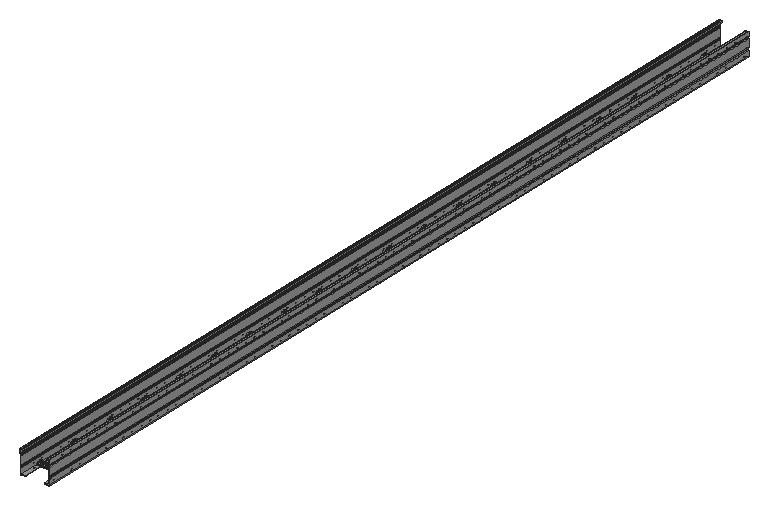
Revit family "Weitspannkabelleiter WKLG1620 FT,FS FT SO A4.23.08", category Generic Models, Revit 2017 (continued)
Forms (mm)
  Extrusion 418, solid, material "Hot-dip galvanised 85 µm" <- "Material"
    sketch origin (0, 2100, 0) x (0, 1, 0) y (0, 0, 1)
      loop
        line (166.963, 4.417) -> (164.404, 16.417)
        arc (164.404, 16.417) -> (163.706, 17.555) -> (162.448, 18) r 2
        line (162.448, 18) -> (158.291, 18) -> (158.291, 16.5) -> (162.043, 16.5)
        arc (162.043, 16.5) -> (162.672, 16.277) -> (163.021, 15.709) r 1
        line (163.021, 15.709) -> (165.367, 4.709)
        arc (165.367, 4.709) -> (165.167, 3.871) -> (164.389, 3.5) r 1
        line (164.389, 3.5) -> (135.568, 3.5)
        arc (135.568, 3.5) -> (134.791, 3.871) -> (134.59, 4.709) r 1
        line (134.59, 4.709) -> (136.938, 15.716)
        arc (136.938, 15.716) -> (137.284, 16.279) -> (137.907, 16.5) r 0.991
        line (137.907, 16.5) -> (141.791, 16.5) -> (141.791, 18) -> (137.51, 18)
        arc (137.51, 18) -> (136.252, 17.555) -> (135.554, 16.417) r 2
        line (135.554, 16.417) -> (132.994, 4.417)
        arc (132.994, 4.417) -> (133.395, 2.742) -> (134.95, 2) r 2
    from -97.5 to 98
  Extrusion 419, void
    sketch origin (0, 2100, 0) x (1, 0, 0) y (0, 1, 0)
      loop
        circle (87.5, 149.896) r 2.75
      loop
        circle (57.569, 149.908) r 3.4
      loop
        circle (-87.5, 149.896) r 2.8
      loop
        circle (-57.5, 149.896) r 3.4
    from 0 to 3.5
  Extrusion 420, solid, material "Hot-dip galvanised 85 µm" <- "Material"
    sketch origin (0, 2400, 0) x (0, 1, 0) y (0, 0, 1)
      loop
        line (134.95, 2) -> (165.007, 2)
        arc (165.007, 2) -> (166.562, 2.742) -> (166.963, 4.417) r 2
        line (166.963, 4.417) -> (164.404, 16.417)
        arc (164.404, 16.417) -> (163.706, 17.555) -> (162.448, 18) r 2
        line (162.448, 18) -> (158.291, 18) -> (158.291, 16.5) -> (162.043, 16.5)
        arc (162.043, 16.5) -> (162.672, 16.277) -> (163.021, 15.709) r 1
        line (163.021, 15.709) -> (165.367, 4.709)
        arc (165.367, 4.709) -> (165.167, 3.871) -> (164.389, 3.5) r 1
        line (164.389, 3.5) -> (135.568, 3.5)
        arc (135.568, 3.5) -> (134.791, 3.871) -> (134.59, 4.709) r 1
        line (134.59, 4.709) -> (136.938, 15.716)
        arc (136.938, 15.716) -> (137.284, 16.279) -> (137.907, 16.5) r 0.991
        line (137.907, 16.5) -> (141.791, 16.5) -> (141.791, 18) -> (137.51, 18)
        arc (137.51, 18) -> (136.252, 17.555) -> (135.554, 16.417) r 2
        line (135.554, 16.417) -> (132.994, 4.417)
        arc (132.994, 4.417) -> (133.395, 2.742) -> (134.95, 2) r 2
    from -97.5 to 98
  Extrusion 421, void
    sketch origin (0, 2400, 0) x (1, 0, 0) y (0, 1, 0)
      loop
        circle (87.5, 149.896) r 2.75
      loop
        circle (57.569, 149.908) r 3.4
      loop
        circle (-87.5, 149.896) r 2.8
      loop
        circle (-57.5, 149.896) r 3.4
    from 0 to 3.5
  Extrusion 422, solid, material "Hot-dip galvanised 85 µm" <- "Material"
    sketch origin (0, 2700, 0) x (0, 1, 0) y (0, 0, 1)
      loop
        line (134.95, 2) -> (165.007, 2)
        arc (165.007, 2) -> (166.562, 2.742) -> (166.963, 4.417) r 2
        line (166.963, 4.417) -> (164.404, 16.417)
        arc (164.404, 16.417) -> (163.706, 17.555) -> (162.448, 18) r 2
        line (162.448, 18) -> (158.291, 18) -> (158.291, 16.5) -> (162.043, 16.5)
        arc (162.043, 16.5) -> (162.672, 16.277) -> (163.021, 15.709) r 1
        line (163.021, 15.709) -> (165.367, 4.709)
        arc (165.367, 4.709) -> (165.167, 3.871) -> (164.389, 3.5) r 1
        line (164.389, 3.5) -> (135.568, 3.5)
        arc (135.568, 3.5) -> (134.791, 3.871) -> (134.59, 4.709) r 1
        line (134.59, 4.709) -> (136.938, 15.716)
        arc (136.938, 15.716) -> (137.284, 16.279) -> (137.907, 16.5) r 0.991
        line (137.907, 16.5) -> (141.791, 16.5) -> (141.791, 18) -> (137.51, 18)
        arc (137.51, 18) -> (136.252, 17.555) -> (135.554, 16.417) r 2
        line (135.554, 16.417) -> (132.994, 4.417)
        arc (132.994, 4.417) -> (133.395, 2.742) -> (134.95, 2) r 2
    from -97.5 to 98
  Extrusion 423, void
    sketch origin (0, 2700, 0) x (1, 0, 0) y (0, 1, 0)
      loop
        circle (87.5, 149.896) r 2.75
      loop
        circle (57.569, 149.908) r 3.4
      loop
        circle (-87.5, 149.896) r 2.8
      loop
        circle (-57.5, 149.896) r 3.4
    from 0 to 3.5
  Extrusion 424, solid, material "Hot-dip galvanised 85 µm" <- "Material"
    sketch origin (0, 3000, 0) x (0, 1, 0) y (0, 0, 1)
      loop
        line (134.95, 2) -> (165.007, 2)
        arc (165.007, 2) -> (166.562, 2.742) -> (166.963, 4.417) r 2
        line (166.963, 4.417) -> (164.404, 16.417)
        arc (164.404, 16.417) -> (163.706, 17.555) -> (162.448, 18) r 2
        line (162.448, 18) -> (158.291, 18) -> (158.291, 16.5) -> (162.043, 16.5)
        arc (162.043, 16.5) -> (162.672, 16.277) -> (163.021, 15.709) r 1
        line (163.021, 15.709) -> (165.367, 4.709)
        arc (165.367, 4.709) -> (165.167, 3.871) -> (164.389, 3.5) r 1
        line (164.389, 3.5) -> (135.568, 3.5)
        arc (135.568, 3.5) -> (134.791, 3.871) -> (134.59, 4.709) r 1
        line (134.59, 4.709) -> (136.938, 15.716)
        arc (136.938, 15.716) -> (137.284, 16.279) -> (137.907, 16.5) r 0.991
        line (137.907, 16.5) -> (141.791, 16.5) -> (141.791, 18) -> (137.51, 18)
        arc (137.51, 18) -> (136.252, 17.555) -> (135.554, 16.417) r 2
        line (135.554, 16.417) -> (132.994, 4.417)
        arc (132.994, 4.417) -> (133.395, 2.742) -> (134.95, 2) r 2
    from -97.5 to 98
  Extrusion 425, void
    sketch origin (0, 3000, 0) x (1, 0, 0) y (0, 1, 0)
      loop
        circle (87.5, 149.896) r 2.75
      loop
        circle (57.569, 149.908) r 3.4
      loop
        circle (-87.5, 149.896) r 2.8
      loop
        circle (-57.5, 149.896) r 3.4
    from 0 to 3.5
  Extrusion 426, solid, material "Hot-dip galvanised 85 µm" <- "Material"
    sketch origin (0, 3300, 0) x (0, 1, 0) y (0, 0, 1)
      loop
        line (134.95, 2) -> (165.007, 2)
        arc (165.007, 2) -> (166.562, 2.742) -> (166.963, 4.417) r 2
        line (166.963, 4.417) -> (164.404, 16.417)
        arc (164.404, 16.417) -> (163.706, 17.555) -> (162.448, 18) r 2
        line (162.448, 18) -> (158.291, 18) -> (158.291, 16.5) -> (162.043, 16.5)
        arc (162.043, 16.5) -> (162.672, 16.277) -> (163.021, 15.709) r 1
        line (163.021, 15.709) -> (165.367, 4.709)
        arc (165.367, 4.709) -> (165.167, 3.871) -> (164.389, 3.5) r 1
        line (164.389, 3.5) -> (135.568, 3.5)
        arc (135.568, 3.5) -> (134.791, 3.871) -> (134.59, 4.709) r 1
        line (134.59, 4.709) -> (136.938, 15.716)
        arc (136.938, 15.716) -> (137.284, 16.279) -> (137.907, 16.5) r 0.991
        line (137.907, 16.5) -> (141.791, 16.5) -> (141.791, 18) -> (137.51, 18)
        arc (137.51, 18) -> (136.252, 17.555) -> (135.554, 16.417) r 2
        line (135.554, 16.417) -> (132.994, 4.417)
        arc (132.994, 4.417) -> (133.395, 2.742) -> (134.95, 2) r 2
    from -97.5 to 98
  Extrusion 427, void
    sketch origin (0, 3300, 0) x (1, 0, 0) y (0, 1, 0)
      loop
        circle (87.5, 149.896) r 2.75
      loop
        circle (57.569, 149.908) r 3.4
      loop
        circle (-87.5, 149.896) r 2.8
      loop
        circle (-57.5, 149.896) r 3.4
    from 0 to 3.5
  Extrusion 428, solid, material "Hot-dip galvanised 85 µm" <- "Material"
    sketch origin (0, 3600, 0) x (0, 1, 0) y (0, 0, 1)
      loop
        line (134.95, 2) -> (165.007, 2)
        arc (165.007, 2) -> (166.562, 2.742) -> (166.963, 4.417) r 2
        line (166.963, 4.417) -> (164.404, 16.417)
        arc (164.404, 16.417) -> (163.706, 17.555) -> (162.448, 18) r 2
        line (162.448, 18) -> (158.291, 18) -> (158.291, 16.5) -> (162.043, 16.5)
        arc (162.043, 16.5) -> (162.672, 16.277) -> (163.021, 15.709) r 1
        line (163.021, 15.709) -> (165.367, 4.709)
        arc (165.367, 4.709) -> (165.167, 3.871) -> (164.389, 3.5) r 1
        line (164.389, 3.5) -> (135.568, 3.5)
        arc (135.568, 3.5) -> (134.791, 3.871) -> (134.59, 4.709) r 1
        line (134.59, 4.709) -> (136.938, 15.716)
        arc (136.938, 15.716) -> (137.284, 16.279) -> (137.907, 16.5) r 0.991
        line (137.907, 16.5) -> (141.791, 16.5) -> (141.791, 18) -> (137.51, 18)
        arc (137.51, 18) -> (136.252, 17.555) -> (135.554, 16.417) r 2
        line (135.554, 16.417) -> (132.994, 4.417)
        arc (132.994, 4.417) -> (133.395, 2.742) -> (134.95, 2) r 2
    from -97.5 to 98
  Extrusion 429, void
    sketch origin (0, 3600, 0) x (1, 0, 0) y (0, 1, 0)
      loop
        circle (87.5, 149.896) r 2.75
      loop
        circle (57.569, 149.908) r 3.4
      loop
        circle (-87.5, 149.896) r 2.8
      loop
        circle (-57.5, 149.896) r 3.4
    from 0 to 3.5
  Extrusion 430, solid, material "Hot-dip galvanised 85 µm" <- "Material"
    sketch origin (0, 3900, 0) x (0, 1, 0) y (0, 0, 1)
      loop
        line (134.95, 2) -> (165.007, 2)
        arc (165.007, 2) -> (166.562, 2.742) -> (166.963, 4.417) r 2
        line (166.963, 4.417) -> (164.404, 16.417)
        arc (164.404, 16.417) -> (163.706, 17.555) -> (162.448, 18) r 2
        line (162.448, 18) -> (158.291, 18) -> (158.291, 16.5) -> (162.043, 16.5)
        arc (162.043, 16.5) -> (162.672, 16.277) -> (163.021, 15.709) r 1
        line (163.021, 15.709) -> (165.367, 4.709)
        arc (165.367, 4.709) -> (165.167, 3.871) -> (164.389, 3.5) r 1
        line (164.389, 3.5) -> (135.568, 3.5)
        arc (135.568, 3.5) -> (134.791, 3.871) -> (134.59, 4.709) r 1
        line (134.59, 4.709) -> (136.938, 15.716)
        arc (136.938, 15.716) -> (137.284, 16.279) -> (137.907, 16.5) r 0.991
        line (137.907, 16.5) -> (141.791, 16.5) -> (141.791, 18) -> (137.51, 18)
        arc (137.51, 18) -> (136.252, 17.555) -> (135.554, 16.417) r 2
        line (135.554, 16.417) -> (132.994, 4.417)
        arc (132.994, 4.417) -> (133.395, 2.742) -> (134.95, 2) r 2
    from -97.5 to 98
  Extrusion 431, void
    sketch origin (0, 3900, 0) x (1, 0, 0) y (0, 1, 0)
      loop
        circle (87.5, 149.896) r 2.75
      loop
        circle (57.569, 149.908) r 3.4
      loop
        circle (-87.5, 149.896) r 2.8
      loop
        circle (-57.5, 149.896) r 3.4
    from 0 to 3.5
  Extrusion 432, solid, material "Hot-dip galvanised 85 µm" <- "Material"
    sketch origin (0, 4200, 0) x (0, 1, 0) y (0, 0, 1)
      loop
        line (134.95, 2) -> (165.007, 2)
        arc (165.007, 2) -> (166.562, 2.742) -> (166.963, 4.417) r 2
        line (166.963, 4.417) -> (164.404, 16.417)
        arc (164.404, 16.417) -> (163.706, 17.555) -> (162.448, 18) r 2
        line (162.448, 18) -> (158.291, 18) -> (158.291, 16.5) -> (162.043, 16.5)
        arc (162.043, 16.5) -> (162.672, 16.277) -> (163.021, 15.709) r 1
        line (163.021, 15.709) -> (165.367, 4.709)
        arc (165.367, 4.709) -> (165.167, 3.871) -> (164.389, 3.5) r 1
        line (164.389, 3.5) -> (135.568, 3.5)
        arc (135.568, 3.5) -> (134.791, 3.871) -> (134.59, 4.709) r 1
        line (134.59, 4.709) -> (136.938, 15.716)
        arc (136.938, 15.716) -> (137.284, 16.279) -> (137.907, 16.5) r 0.991
        line (137.907, 16.5) -> (141.791, 16.5) -> (141.791, 18) -> (137.51, 18)
        arc (137.51, 18) -> (136.252, 17.555) -> (135.554, 16.417) r 2
        line (135.554, 16.417) -> (132.994, 4.417)
        arc (132.994, 4.417) -> (133.395, 2.742) -> (134.95, 2) r 2
    from -97.5 to 98
  Extrusion 433, void
    sketch origin (0, 4200, 0) x (1, 0, 0) y (0, 1, 0)
      loop
        circle (87.5, 149.896) r 2.75
      loop
        circle (57.569, 149.908) r 3.4
      loop
        circle (-87.5, 149.896) r 2.8
      loop
        circle (-57.5, 149.896) r 3.4
    from 0 to 3.5
  Extrusion 434, solid, material "Hot-dip galvanised 85 µm" <- "Material"
    sketch origin (0, 4500, 0) x (0, 1, 0) y (0, 0, 1)
      loop
        line (134.95, 2) -> (165.007, 2)
        arc (165.007, 2) -> (166.562, 2.742) -> (166.963, 4.417) r 2
        line (166.963, 4.417) -> (164.404, 16.417)
        arc (164.404, 16.417) -> (163.706, 17.555) -> (162.448, 18) r 2
        line (162.448, 18) -> (158.291, 18) -> (158.291, 16.5) -> (162.043, 16.5)
        arc (162.043, 16.5) -> (162.672, 16.277) -> (163.021, 15.709) r 1
        line (163.021, 15.709) -> (165.367, 4.709)
        arc (165.367, 4.709) -> (165.167, 3.871) -> (164.389, 3.5) r 1
        line (164.389, 3.5) -> (135.568, 3.5)
        arc (135.568, 3.5) -> (134.791, 3.871) -> (134.59, 4.709) r 1
        line (134.59, 4.709) -> (136.938, 15.716)
        arc (136.938, 15.716) -> (137.284, 16.279) -> (137.907, 16.5) r 0.991
        line (137.907, 16.5) -> (141.791, 16.5) -> (141.791, 18) -> (137.51, 18)
        arc (137.51, 18) -> (136.252, 17.555) -> (135.554, 16.417) r 2
        line (135.554, 16.417) -> (132.994, 4.417)
        arc (132.994, 4.417) -> (133.395, 2.742) -> (134.95, 2) r 2
    from -97.5 to 98
  Extrusion 435, void
    sketch origin (0, 4500, 0) x (1, 0, 0) y (0, 1, 0)
      loop
        circle (87.5, 149.896) r 2.75
      loop
        circle (57.569, 149.908) r 3.4
      loop
        circle (-87.5, 149.896) r 2.8
      loop
        circle (-57.5, 149.896) r 3.4
    from 0 to 3.5
  Extrusion 436, solid, material "Hot-dip galvanised 85 µm" <- "Material"
    sketch origin (0, 4800, 0) x (0, 1, 0) y (0, 0, 1)
      loop
        line (134.95, 2) -> (165.007, 2)
        arc (165.007, 2) -> (166.562, 2.742) -> (166.963, 4.417) r 2
        line (166.963, 4.417) -> (164.404, 16.417)
        arc (164.404, 16.417) -> (163.706, 17.555) -> (162.448, 18) r 2
        line (162.448, 18) -> (158.291, 18) -> (158.291, 16.5) -> (162.043, 16.5)
        arc (162.043, 16.5) -> (162.672, 16.277) -> (163.021, 15.709) r 1
        line (163.021, 15.709) -> (165.367, 4.709)
        arc (165.367, 4.709) -> (165.167, 3.871) -> (164.389, 3.5) r 1
        line (164.389, 3.5) -> (135.568, 3.5)
        arc (135.568, 3.5) -> (134.791, 3.871) -> (134.59, 4.709) r 1
        line (134.59, 4.709) -> (136.938, 15.716)
        arc (136.938, 15.716) -> (137.284, 16.279) -> (137.907, 16.5) r 0.991
        line (137.907, 16.5) -> (141.791, 16.5) -> (141.791, 18) -> (137.51, 18)
        arc (137.51, 18) -> (136.252, 17.555) -> (135.554, 16.417) r 2
        line (135.554, 16.417) -> (132.994, 4.417)
        arc (132.994, 4.417) -> (133.395, 2.742) -> (134.95, 2) r 2
    from -97.5 to 98
  Extrusion 437, void
    sketch origin (0, 4800, 0) x (1, 0, 0) y (0, 1, 0)
      loop
        circle (87.5, 149.896) r 2.75
      loop
        circle (57.569, 149.908) r 3.4
      loop
        circle (-87.5, 149.896) r 2.8
      loop
        circle (-57.5, 149.896) r 3.4
    from 0 to 3.5
  Extrusion 438, solid, material "Hot-dip galvanised 85 µm" <- "Material"
    sketch origin (0, 5100, 0) x (0, 1, 0) y (0, 0, 1)
      loop
        line (134.95, 2) -> (165.007, 2)
        arc (165.007, 2) -> (166.562, 2.742) -> (166.963, 4.417) r 2
        line (166.963, 4.417) -> (164.404, 16.417)
        arc (164.404, 16.417) -> (163.706, 17.555) -> (162.448, 18) r 2
        line (162.448, 18) -> (158.291, 18) -> (158.291, 16.5) -> (162.043, 16.5)
        arc (162.043, 16.5) -> (162.672, 16.277) -> (163.021, 15.709) r 1
        line (163.021, 15.709) -> (165.367, 4.709)
        arc (165.367, 4.709) -> (165.167, 3.871) -> (164.389, 3.5) r 1
        line (164.389, 3.5) -> (135.568, 3.5)
        arc (135.568, 3.5) -> (134.791, 3.871) -> (134.59, 4.709) r 1
        line (134.59, 4.709) -> (136.938, 15.716)
        arc (136.938, 15.716) -> (137.284, 16.279) -> (137.907, 16.5) r 0.991
        line (137.907, 16.5) -> (141.791, 16.5) -> (141.791, 18) -> (137.51, 18)
        arc (137.51, 18) -> (136.252, 17.555) -> (135.554, 16.417) r 2
        line (135.554, 16.417) -> (132.994, 4.417)
        arc (132.994, 4.417) -> (133.395, 2.742) -> (134.95, 2) r 2
    from -97.5 to 98
  Extrusion 439, void
    sketch origin (0, 5100, 0) x (1, 0, 0) y (0, 1, 0)
      loop
        circle (87.5, 149.896) r 2.75
      loop
        circle (57.569, 149.908) r 3.4
      loop
        circle (-87.5, 149.896) r 2.8
      loop
        circle (-57.5, 149.896) r 3.4
    from 0 to 3.5
  Extrusion 440, solid, material "Hot-dip galvanised 85 µm" <- "Material"
    sketch origin (0, 5400, 0) x (0, 1, 0) y (0, 0, 1)
      loop
        line (134.95, 2) -> (165.007, 2)
        arc (165.007, 2) -> (166.562, 2.742) -> (166.963, 4.417) r 2
        line (166.963, 4.417) -> (164.404, 16.417)
        arc (164.404, 16.417) -> (163.706, 17.555) -> (162.448, 18) r 2
        line (162.448, 18) -> (158.291, 18) -> (158.291, 16.5) -> (162.043, 16.5)
        arc (162.043, 16.5) -> (162.672, 16.277) -> (163.021, 15.709) r 1
        line (163.021, 15.709) -> (165.367, 4.709)
        arc (165.367, 4.709) -> (165.167, 3.871) -> (164.389, 3.5) r 1
        line (164.389, 3.5) -> (135.568, 3.5)
        arc (135.568, 3.5) -> (134.791, 3.871) -> (134.59, 4.709) r 1
        line (134.59, 4.709) -> (136.938, 15.716)
        arc (136.938, 15.716) -> (137.284, 16.279) -> (137.907, 16.5) r 0.991
        line (137.907, 16.5) -> (141.791, 16.5) -> (141.791, 18) -> (137.51, 18)
        arc (137.51, 18) -> (136.252, 17.555) -> (135.554, 16.417) r 2
        line (135.554, 16.417) -> (132.994, 4.417)
        arc (132.994, 4.417) -> (133.395, 2.742) -> (134.95, 2) r 2
    from -97.5 to 98
  Extrusion 441, void
    sketch origin (0, 5400, 0) x (1, 0, 0) y (0, 1, 0)
      loop
        circle (87.5, 149.896) r 2.75
      loop
        circle (57.569, 149.908) r 3.4
      loop
        circle (-87.5, 149.896) r 2.8
      loop
        circle (-57.5, 149.896) r 3.4
    from 0 to 3.5
  Extrusion 442, solid, material "Hot-dip galvanised 85 µm" <- "Material"
    sketch origin (0, 5700, 0) x (0, 1, 0) y (0, 0, 1)
      loop
        line (134.95, 2) -> (165.007, 2)
        arc (165.007, 2) -> (166.562, 2.742) -> (166.963, 4.417) r 2
        line (166.963, 4.417) -> (164.404, 16.417)
        arc (164.404, 16.417) -> (163.706, 17.555) -> (162.448, 18) r 2
        line (162.448, 18) -> (158.291, 18) -> (158.291, 16.5) -> (162.043, 16.5)
        arc (162.043, 16.5) -> (162.672, 16.277) -> (163.021, 15.709) r 1
        line (163.021, 15.709) -> (165.367, 4.709)
        arc (165.367, 4.709) -> (165.167, 3.871) -> (164.389, 3.5) r 1
        line (164.389, 3.5) -> (135.568, 3.5)
        arc (135.568, 3.5) -> (134.791, 3.871) -> (134.59, 4.709) r 1
        line (134.59, 4.709) -> (136.938, 15.716)
        arc (136.938, 15.716) -> (137.284, 16.279) -> (137.907, 16.5) r 0.991
        line (137.907, 16.5) -> (141.791, 16.5) -> (141.791, 18) -> (137.51, 18)
        arc (137.51, 18) -> (136.252, 17.555) -> (135.554, 16.417) r 2
        line (135.554, 16.417) -> (132.994, 4.417)
        arc (132.994, 4.417) -> (133.395, 2.742) -> (134.95, 2) r 2
    from -97.5 to 98
  Extrusion 443, void
    sketch origin (0, 5700, 0) x (1, 0, 0) y (0, 1, 0)
      loop
        circle (87.5, 149.896) r 2.75
      loop
        circle (57.569, 149.908) r 3.4
      loop
        circle (-87.5, 149.896) r 2.8
      loop
        circle (-57.5, 149.896) r 3.4
    from 0 to 3.5
  Extrusion 444, solid, material "Hot-dip galvanised 85 µm" <- "Material"
    sketch origin (4.232, 0, 0) x (1, 0, 0) y (0, 1, 0)
      loop
        line (89.489, 1001.932) -> (85.847, 1008.831) -> (71.896, 1011.291) -> (64.646, 1006.215) -> (-93.432, 494.522) -> (-90.67, 489.291) -> (-71.407, 489.291) -> (-67.754, 492.945) -> (89.489, 1001.932)
    from -2 to 0
  Extrusion 445, solid, material "Stainless steel, A4"
    sketch origin (0, 0, 0) x (1, 0, 0) y (0, 1, 0)
      loop
        line (-88.047, 1011.531) -> (-90.669, 1005.04) -> (67.531, 486.014) -> (73.708, 482.722) -> (87.019, 488.956) -> (90.677, 495.822) -> (-67.464, 1014.654) -> (-74.239, 1017.391) -> (-88.047, 1011.531)
    from -2 to 0
  Extrusion 446, solid, material "Hot-dip galvanised 85 µm" <- "Material"
    sketch origin (4.232, 1504.473, 0) x (1, 0, 0) y (0, 1, 0)
      loop
        line (89.489, 1001.932) -> (85.847, 1008.831) -> (71.896, 1011.291) -> (64.646, 1006.215) -> (-93.432, 494.522) -> (-90.67, 489.291) -> (-71.407, 489.291) -> (-67.754, 492.945) -> (89.489, 1001.932)
    from -2 to 0
  Extrusion 447, solid, material "Hot-dip galvanised 85 µm" <- "Material"
    sketch origin (4.232, 3008.946, 0) x (1, 0, 0) y (0, 1, 0)
      loop
        line (89.489, 1001.932) -> (85.847, 1008.831) -> (71.896, 1011.291) -> (64.646, 1006.215) -> (-93.432, 494.522) -> (-90.67, 489.291) -> (-71.407, 489.291) -> (-67.754, 492.945) -> (89.489, 1001.932)
    from -2 to 0
  Extrusion 448, solid, material "Hot-dip galvanised 85 µm" <- "Material"
    sketch origin (4.232, 4513.419, 0) x (1, 0, 0) y (0, 1, 0)
      loop
        line (89.489, 1001.932) -> (85.847, 1008.831) -> (71.896, 1011.291) -> (64.646, 1006.215) -> (-93.432, 494.522) -> (-90.67, 489.291) -> (-71.407, 489.291) -> (-67.754, 492.945) -> (89.489, 1001.932)
    from -2 to 0
  Extrusion 449, solid, material "Stainless steel, A4"
    sketch origin (0, 1500, 0) x (1, 0, 0) y (0, 1, 0)
      loop
        line (-88.047, 1011.531) -> (-90.669, 1005.04) -> (67.531, 486.014) -> (73.708, 482.722) -> (87.019, 488.956) -> (90.677, 495.822) -> (-67.464, 1014.654) -> (-74.239, 1017.391) -> (-88.047, 1011.531)
    from -2 to 0
  Extrusion 450, solid, material "Stainless steel, A4"
    sketch origin (0, 3000, 0) x (1, 0, 0) y (0, 1, 0)
      loop
        line (-88.047, 1011.531) -> (-90.669, 1005.04) -> (67.531, 486.014) -> (73.708, 482.722) -> (87.019, 488.956) -> (90.677, 495.822) -> (-67.464, 1014.654) -> (-74.239, 1017.391) -> (-88.047, 1011.531)
    from -2 to 0
  Extrusion 451, solid, material "Stainless steel, A4"
    sketch origin (0, 4500, 0) x (1, 0, 0) y (0, 1, 0)
      loop
        line (-88.047, 1011.531) -> (-90.669, 1005.04) -> (67.531, 486.014) -> (73.708, 482.722) -> (87.019, 488.956) -> (90.677, 495.822) -> (-67.464, 1014.654) -> (-74.239, 1017.391) -> (-88.047, 1011.531)
    from -2 to 0
Cuts and joins
  Extrusion 2, Extrusion 3, Extrusion 4, Extrusion 5, Extrusion 6, Extrusion 7, Extrusion 8, Extrusion 9, Extrusion 10, Extrusion 11, Extrusion 12, Extrusion 13, Extrusion 14, Extrusion 15, Extrusion 16, Extrusion 17, Extrusion 18, Extrusion 19, Extrusion 20, Extrusion 21, Extrusion 22, Extrusion 23, Extrusion 24, Extrusion 25, Extrusion 26, Extrusion 27, Extrusion 28, Extrusion 29, Extrusion 30, Extrusion 31, Extrusion 32, Extrusion 33, Extrusion 34, Extrusion 35, Extrusion 36, Extrusion 37, Extrusion 38, Extrusion 39, Extrusion 40, Extrusion 41, Extrusion 42, Extrusion 43, Extrusion 44, Extrusion 45, Extrusion 46, Extrusion 47, Extrusion 48, Extrusion 49, Extrusion 50, Extrusion 51, Extrusion 52, Extrusion 53, Extrusion 54, Extrusion 55, Extrusion 56, Extrusion 57, Extrusion 58, Extrusion 59, Extrusion 60, Extrusion 61, Extrusion 62, Extrusion 63, Extrusion 64, Extrusion 65, Extrusion 66, Extrusion 67, Extrusion 68, Extrusion 69, Extrusion 70, Extrusion 71, Extrusion 72, Extrusion 73, Extrusion 74, Extrusion 75, Extrusion 76, Extrusion 77, Extrusion 78, Extrusion 79, Extrusion 80, Extrusion 81, Extrusion 82, Extrusion 83, Extrusion 84, Extrusion 85, Extrusion 86, Extrusion 87, Extrusion 88, Extrusion 89, Extrusion 90, Extrusion 91, Extrusion 92, Extrusion 93, Extrusion 94, Extrusion 95, Extrusion 96, Extrusion 97, Extrusion 98, Extrusion 99, Extrusion 100, Extrusion 101, Extrusion 102, Extrusion 103, Extrusion 104, Extrusion 105, Extrusion 106, Extrusion 107, Extrusion 108, Extrusion 109, Extrusion 110, Extrusion 111, Extrusion 112, Extrusion 113, Extrusion 114, Extrusion 115, Extrusion 116, Extrusion 117, Extrusion 118, Extrusion 119, Extrusion 120, Extrusion 121, Extrusion 122, Extrusion 123, Extrusion 124, Extrusion 125, Extrusion 126, Extrusion 127, Extrusion 128, Extrusion 129, Extrusion 130, Extrusion 131, Extrusion 132, Extrusion 133, Extrusion 134, Extrusion 135, Extrusion 136, Extrusion 137, Extrusion 138, Extrusion 139, Extrusion 140, Extrusion 141, Extrusion 142, Extrusion 143, Extrusion 144, Extrusion 145, Extrusion 146, Extrusion 147, Extrusion 148, Extrusion 149, Extrusion 150, Extrusion 151, Extrusion 152, Extrusion 153, Extrusion 154, Extrusion 155, Extrusion 156, Extrusion 157, Extrusion 158, Extrusion 159, Extrusion 160, Extrusion 161, Extrusion 162, Extrusion 163, Extrusion 164, Extrusion 165, Extrusion 166, Extrusion 167, Extrusion 168, Extrusion 169, Extrusion 170, Extrusion 171, Extrusion 172, Extrusion 173, Extrusion 174, Extrusion 175, Extrusion 176, Extrusion 177, Extrusion 178, Extrusion 179, Extrusion 180, Extrusion 181, Extrusion 182, Extrusion 183, Extrusion 184, Extrusion 185, Extrusion 186, Extrusion 187, Extrusion 188, Extrusion 189, Extrusion 190, Extrusion 191, Extrusion 192, Extrusion 193, Extrusion 194, Extrusion 195, Extrusion 196, Extrusion 197, Extrusion 198, Extrusion 199, Extrusion 200, Extrusion 201, Extrusion 202, Extrusion 203, Extrusion 204, Extrusion 205, Extrusion 206, Extrusion 207, Extrusion 208, Extrusion 209, Extrusion 210, Extrusion 211, Extrusion 212, Extrusion 213, Extrusion 214, Extrusion 215, Extrusion 216, Extrusion 217, Extrusion 218, Extrusion 219, Extrusion 220, Extrusion 221, Extrusion 222, Extrusion 223, Extrusion 224, Extrusion 225, Extrusion 226, Extrusion 227, Extrusion 228, Extrusion 229, Extrusion 230, Extrusion 231, Extrusion 232, Extrusion 233, Extrusion 234, Extrusion 235, Extrusion 236, Extrusion 237, Extrusion 238, Extrusion 239, Extrusion 240, Extrusion 241, Extrusion 242, Extrusion 243, Extrusion 244, Extrusion 245, Extrusion 246, Extrusion 247, Extrusion 248, Extrusion 249, Extrusion 250, Extrusion 251, Extrusion 252, Extrusion 253, Extrusion 254, Extrusion 255, Extrusion 256, Extrusion 257, Extrusion 258, Extrusion 259, Extrusion 260, Extrusion 261, Extrusion 262, Extrusion 263, Extrusion 264, Extrusion 265, Extrusion 266, Extrusion 267, Extrusion 268, Extrusion 269, Extrusion 270, Extrusion 271, Extrusion 272, Extrusion 273, Extrusion 274, Extrusion 275, Extrusion 276, Extrusion 277, Extrusion 278, Extrusion 279, Extrusion 280, Extrusion 281, Extrusion 282, Extrusion 283, Extrusion 284, Extrusion 285, Extrusion 286, Extrusion 287, Extrusion 288, Extrusion 289, Extrusion 290, Extrusion 291, Extrusion 292, Extrusion 293, Extrusion 294, Extrusion 295, Extrusion 296, Extrusion 297, Extrusion 298, Extrusion 299, Extrusion 300, Extrusion 301, Extrusion 302, Extrusion 303, Extrusion 304, Extrusion 305, Extrusion 306, Extrusion 307, Extrusion 308, Extrusion 309, Extrusion 310, Extrusion 311, Extrusion 312, Extrusion 313, Extrusion 314, Extrusion 315, Extrusion 316, Extrusion 317, Extrusion 318, Extrusion 319, Extrusion 320, Extrusion 321, Extrusion 324, Extrusion 325, Extrusion 326, Extrusion 327, Extrusion 328, Extrusion 329, Extrusion 330, Extrusion 331, Extrusion 332, Extrusion 333, Extrusion 334, Extrusion 335, Extrusion 336, Extrusion 337, Extrusion 338, Extrusion 339, Extrusion 340, Extrusion 341, Extrusion 342, Extrusion 343, Extrusion 344, Extrusion 345, Extrusion 346, Extrusion 347, Extrusion 348, Extrusion 349, Extrusion 350, Extrusion 351, Extrusion 352, Extrusion 353, Extrusion 354, Extrusion 355, Extrusion 356, Extrusion 357, Extrusion 358, Extrusion 359, Extrusion 360, Extrusion 361, Extrusion 362, Extrusion 363, Extrusion 364, Extrusion 365, Extrusion 366, Extrusion 367, Extrusion 368, Extrusion 369, Extrusion 370, Extrusion 371, Extrusion 372, Extrusion 373, Extrusion 374, Extrusion 375, Extrusion 376, Extrusion 377, Extrusion 378, Extrusion 379, Extrusion 380, Extrusion 381, Extrusion 382, Extrusion 383, Extrusion 384, Extrusion 385, Extrusion 386, Extrusion 387, Extrusion 388, Extrusion 389, Extrusion 390, Extrusion 391, Extrusion 392, Extrusion 393, Extrusion 394, Extrusion 395, Extrusion 396, Extrusion 397, Extrusion 398, Extrusion 399, Extrusion 400, Extrusion 401, Extrusion 402, Extrusion 403, Extrusion 404, Extrusion 407, Extrusion 409, Extrusion 411, Extrusion 413, Extrusion 415, Extrusion 417, Extrusion 419, Extrusion 421, Extrusion 423, Extrusion 425, Extrusion 427, Extrusion 429, Extrusion 431, Extrusion 433, Extrusion 435, Extrusion 437, Extrusion 439, Extrusion 441, Extrusion 443 cuts Extrusion 1
  Extrusion 404, Extrusion 407 cuts Extrusion 323
  Extrusion 407 cuts Extrusion 406
  Extrusion 409 cuts Extrusion 408
  Extrusion 411 cuts Extrusion 410
  Extrusion 413 cuts Extrusion 412
  Extrusion 415 cuts Extrusion 414
  Extrusion 417 cuts Extrusion 416
  Extrusion 419 cuts Extrusion 418
  Extrusion 421 cuts Extrusion 420
  Extrusion 423 cuts Extrusion 422
  Extrusion 425 cuts Extrusion 424
  Extrusion 427 cuts Extrusion 426
  Extrusion 429 cuts Extrusion 428
  Extrusion 431 cuts Extrusion 430
  Extrusion 433 cuts Extrusion 432
  Extrusion 435 cuts Extrusion 434
  Extrusion 437 cuts Extrusion 436
  Extrusion 439 cuts Extrusion 438
  Extrusion 441 cuts Extrusion 440
  Extrusion 443 cuts Extrusion 442
Dimensions and locks
  locked: plane 4 to level at 52
  plane 5 to level = 160 mm
  locked: plane 5 to plane 6 at 38
  locked: plane 6 to plane 4 at 70
  locked: Extrusion 1 to Extrusion 1 at 2  (x16)
  locked: Extrusion 1 to Extrusion 1 at 162.5
  locked: Extrusion 1 to Extrusion 1 at 33
  locked: Extrusion 1 to Extrusion 1 at 1.714
  "Length": Extrusion 1 to Extrusion 1
  locked: Extrusion 1 to plane 17 at 37.5
  locked: Extrusion 1 to plane 18 at 20
  locked: Extrusion 2 sketch curve to Extrusion 2 sketch curve at 9
  locked: Extrusion 2 sketch curve to Extrusion 2 sketch curve at 25
  locked: cut or joined group 1 (Extrusion 1, Extrusion 2, Extrusion 3, Extrusion 4, Extrusion 5, Extrusion 6, Extrusion 7, Extrusion 8, Extrusion 9, Extrusion 10, Extrusion 11, Extrusion 12, Extrusion 13, Extrusion 14, Extrusion 15, Extrusion 16, Extrusion 17, Extrusion 18, Extrusion 19, Extrusion 20, Extrusion 21, Extrusion 22, Extrusion 23, Extrusion 24, Extrusion 25, Extrusion 26, Extrusion 27, Extrusion 28, Extrusion 29, Extrusion 30, Extrusion 31, Extrusion 32, Extrusion 33, Extrusion 34, Extrusion 35, Extrusion 36, Extrusion 37, Extrusion 38, Extrusion 39, Extrusion 40, Extrusion 41, Extrusion 42, Extrusion 43, Extrusion 44, Extrusion 45, Extrusion 46, Extrusion 47, Extrusion 48, Extrusion 49, Extrusion 50, Extrusion 51, Extrusion 52, Extrusion 53, Extrusion 54, Extrusion 55, Extrusion 56, Extrusion 57, Extrusion 58, Extrusion 59, Extrusion 60, Extrusion 61, Extrusion 62, Extrusion 63, Extrusion 64, Extrusion 65, Extrusion 66, Extrusion 67, Extrusion 68, Extrusion 69, Extrusion 70, Extrusion 71, Extrusion 72, Extrusion 73, Extrusion 74, Extrusion 75, Extrusion 76, Extrusion 77, Extrusion 78, Extrusion 79, Extrusion 80, Extrusion 81, Extrusion 82, Extrusion 83, Extrusion 84, Extrusion 85, Extrusion 86, Extrusion 87, Extrusion 88, Extrusion 89, Extrusion 90, Extrusion 91, Extrusion 92, Extrusion 93, Extrusion 94, Extrusion 95, Extrusion 96, Extrusion 97, Extrusion 98, Extrusion 99, Extrusion 100, Extrusion 101, Extrusion 102, Extrusion 103, Extrusion 104, Extrusion 105, Extrusion 106, Extrusion 107, Extrusion 108, Extrusion 109, Extrusion 110, Extrusion 111, Extrusion 112, Extrusion 113, Extrusion 114, Extrusion 115, Extrusion 116, Extrusion 117, Extrusion 118, Extrusion 119, Extrusion 120, Extrusion 121, Extrusion 122, Extrusion 123, Extrusion 124, Extrusion 125, Extrusion 126, Extrusion 127, Extrusion 128, Extrusion 129, Extrusion 130, Extrusion 131, Extrusion 132, Extrusion 133, Extrusion 134, Extrusion 135, Extrusion 136, Extrusion 137, Extrusion 138, Extrusion 139, Extrusion 140, Extrusion 141, Extrusion 142, Extrusion 143, Extrusion 144, Extrusion 145, Extrusion 146, Extrusion 147, Extrusion 148, Extrusion 149, Extrusion 150, Extrusion 151, Extrusion 152, Extrusion 153, Extrusion 154, Extrusion 155, Extrusion 156, Extrusion 157, Extrusion 158, Extrusion 159, Extrusion 160, Extrusion 161, Extrusion 162, Extrusion 163, Extrusion 164, Extrusion 165, Extrusion 166, Extrusion 167, Extrusion 168, Extrusion 169, Extrusion 170, Extrusion 171, Extrusion 172, Extrusion 173, Extrusion 174, Extrusion 175, Extrusion 176, Extrusion 177, Extrusion 178, Extrusion 179, Extrusion 180, Extrusion 181, Extrusion 182, Extrusion 183, Extrusion 184, Extrusion 185, Extrusion 186, Extrusion 187, Extrusion 188, Extrusion 189, Extrusion 190, Extrusion 191, Extrusion 192, Extrusion 193, Extrusion 194, Extrusion 195, Extrusion 196, Extrusion 197, Extrusion 198, Extrusion 199, Extrusion 200, Extrusion 201, Extrusion 202, Extrusion 203, Extrusion 204, Extrusion 205, Extrusion 206, Extrusion 207, Extrusion 208, Extrusion 209, Extrusion 210, Extrusion 211, Extrusion 212, Extrusion 213, Extrusion 214, Extrusion 215, Extrusion 216, Extrusion 217, Extrusion 218, Extrusion 219, Extrusion 220, Extrusion 221, Extrusion 222, Extrusion 223, Extrusion 224, Extrusion 225, Extrusion 226, Extrusion 227, Extrusion 228, Extrusion 229, Extrusion 230, Extrusion 231, Extrusion 232, Extrusion 233, Extrusion 234, Extrusion 235, Extrusion 236, Extrusion 237, Extrusion 238, Extrusion 239, Extrusion 240, Extrusion 241, Extrusion 242, Extrusion 243, Extrusion 244, Extrusion 245, Extrusion 246, Extrusion 247, Extrusion 248, Extrusion 249, Extrusion 250, Extrusion 251, Extrusion 252, Extrusion 253, Extrusion 254, Extrusion 255, Extrusion 256, Extrusion 257, Extrusion 258, Extrusion 259, Extrusion 260, Extrusion 261, Extrusion 262, Extrusion 263, Extrusion 264, Extrusion 265, Extrusion 266, Extrusion 267, Extrusion 268, Extrusion 269, Extrusion 270, Extrusion 271, Extrusion 272, Extrusion 273, Extrusion 274, Extrusion 275, Extrusion 276, Extrusion 277, Extrusion 278, Extrusion 279, Extrusion 280, Extrusion 281, Extrusion 282, Extrusion 283, Extrusion 284, Extrusion 285, Extrusion 286, Extrusion 287, Extrusion 288, Extrusion 289, Extrusion 290, Extrusion 291, Extrusion 292, Extrusion 293, Extrusion 294, Extrusion 295, Extrusion 296, Extrusion 297, Extrusion 298, Extrusion 299, Extrusion 300, Extrusion 301, Extrusion 302, Extrusion 303, Extrusion 304, Extrusion 305, Extrusion 306, Extrusion 307, Extrusion 308, Extrusion 309, Extrusion 310, Extrusion 311, Extrusion 312, Extrusion 313, Extrusion 314, Extrusion 315, Extrusion 316, Extrusion 317, Extrusion 318, Extrusion 319, Extrusion 320, Extrusion 321, Extrusion 324, Extrusion 325, Extrusion 326, Extrusion 327, Extrusion 328, Extrusion 329, Extrusion 330, Extrusion 331, Extrusion 332, Extrusion 333, Extrusion 334, Extrusion 335, Extrusion 336, Extrusion 337, Extrusion 338, Extrusion 339, Extrusion 340, Extrusion 341, Extrusion 342, Extrusion 343, Extrusion 344, Extrusion 345, Extrusion 346, Extrusion 347, Extrusion 348, Extrusion 349, Extrusion 350, Extrusion 351, Extrusion 352, Extrusion 353, Extrusion 354, Extrusion 355, Extrusion 356, Extrusion 357, Extrusion 358, Extrusion 359, Extrusion 360, Extrusion 361, Extrusion 362, Extrusion 363, Extrusion 364, Extrusion 365, Extrusion 366, Extrusion 367, Extrusion 368, Extrusion 369, Extrusion 370, Extrusion 371, Extrusion 372, Extrusion 373, Extrusion 374, Extrusion 375, Extrusion 376, Extrusion 377, Extrusion 378, Extrusion 379, Extrusion 380, Extrusion 381, Extrusion 382, Extrusion 383, Extrusion 384, Extrusion 385, Extrusion 386, Extrusion 387, Extrusion 388, Extrusion 389, Extrusion 390, Extrusion 391, Extrusion 392, Extrusion 393, Extrusion 394, Extrusion 395, Extrusion 396, Extrusion 397, Extrusion 398, Extrusion 399, Extrusion 400, Extrusion 401, Extrusion 402, Extrusion 403, Extrusion 404, Extrusion 407, Extrusion 409, Extrusion 411, Extrusion 413, Extrusion 415, Extrusion 417, Extrusion 419, Extrusion 421, Extrusion 423, Extrusion 425, Extrusion 427, Extrusion 429, Extrusion 431, Extrusion 433, Extrusion 435, Extrusion 437, Extrusion 439, Extrusion 441, Extrusion 443) to cut or joined group of Extrusion 1, Extrusion 2, Extrusion 3, Extrusion 4, Extrusion 5, Extrusion 6, Extrusion 7, Extrusion 8, Extrusion 9, Extrusion 10, Extrusion 11, Extrusion 12, Extrusion 13, Extrusion 14, Extrusion 15, Extrusion 16, Extrusion 17, Extrusion 18, Extrusion 19, Extrusion 20, Extrusion 21, Extrusion 22, Extrusion 23, Extrusion 24, Extrusion 25, Extrusion 26, Extrusion 27, Extrusion 28, Extrusion 29, Extrusion 30, Extrusion 31, Extrusion 32, Extrusion 33, Extrusion 34, Extrusion 35, Extrusion 36, Extrusion 37, Extrusion 38, Extrusion 39, Extrusion 40, Extrusion 41, Extrusion 42, Extrusion 43, Extrusion 44, Extrusion 45, Extrusion 46, Extrusion 47, Extrusion 48, Extrusion 49, Extrusion 50, Extrusion 51, Extrusion 52, Extrusion 53, Extrusion 54, Extrusion 55, Extrusion 56, Extrusion 57, Extrusion 58, Extrusion 59, Extrusion 60, Extrusion 61, Extrusion 62, Extrusion 63, Extrusion 64, Extrusion 65, Extrusion 66, Extrusion 67, Extrusion 68, Extrusion 69, Extrusion 70, Extrusion 71, Extrusion 72, Extrusion 73, Extrusion 74, Extrusion 75, Extrusion 76, Extrusion 77, Extrusion 78, Extrusion 79, Extrusion 80, Extrusion 81, Extrusion 82, Extrusion 83, Extrusion 84, Extrusion 85, Extrusion 86, Extrusion 87, Extrusion 88, Extrusion 89, Extrusion 90, Extrusion 91, Extrusion 92, Extrusion 93, Extrusion 94, Extrusion 95, Extrusion 96, Extrusion 97, Extrusion 98, Extrusion 99, Extrusion 100, Extrusion 101, Extrusion 102, Extrusion 103, Extrusion 104, Extrusion 105, Extrusion 106, Extrusion 107, Extrusion 108, Extrusion 109, Extrusion 110, Extrusion 111, Extrusion 112, Extrusion 113, Extrusion 114, Extrusion 115, Extrusion 116, Extrusion 117, Extrusion 118, Extrusion 119, Extrusion 120, Extrusion 121, Extrusion 122, Extrusion 123
    , Extrusion 124, Extrusion 125, Extrusion 126, Extrusion 127, Extrusion 128, Extrusion 129, Extrusion 130, Extrusion 131, Extrusion 132, Extrusion 133, Extrusion 134, Extrusion 135, Extrusion 136, Extrusion 137, Extrusion 138, Extrusion 139, Extrusion 140, Extrusion 141, Extrusion 142, Extrusion 143, Extrusion 144, Extrusion 145, Extrusion 146, Extrusion 147, Extrusion 148, Extrusion 149, Extrusion 150, Extrusion 151, Extrusion 152, Extrusion 153, Extrusion 154, Extrusion 155, Extrusion 156, Extrusion 157, Extrusion 158, Extrusion 159, Extrusion 160, Extrusion 161, Extrusion 162, Extrusion 163, Extrusion 164, Extrusion 165, Extrusion 166, Extrusion 167, Extrusion 168, Extrusion 169, Extrusion 170, Extrusion 171, Extrusion 172, Extrusion 173, Extrusion 174, Extrusion 175, Extrusion 176, Extrusion 177, Extrusion 178, Extrusion 179, Extrusion 180, Extrusion 181, Extrusion 182, Extrusion 183, Extrusion 184, Extrusion 185, Extrusion 186, Extrusion 187, Extrusion 188, Extrusion 189, Extrusion 190, Extrusion 191, Extrusion 192, Extrusion 193, Extrusion 194, Extrusion 195, Extrusion 196, Extrusion 197, Extrusion 198, Extrusion 199, Extrusion 200, Extrusion 201, Extrusion 202, Extrusion 203, Extrusion 204, Extrusion 205, Extrusion 206, Extrusion 207, Extrusion 208, Extrusion 209, Extrusion 210, Extrusion 211, Extrusion 212, Extrusion 213, Extrusion 214, Extrusion 215, Extrusion 216, Extrusion 217, Extrusion 218, Extrusion 219, Extrusion 220, Extrusion 221, Extrusion 222, Extrusion 223, Extrusion 224, Extrusion 225, Extrusion 226, Extrusion 227, Extrusion 228, Extrusion 229, Extrusion 230, Extrusion 231, Extrusion 232, Extrusion 233, Extrusion 234, Extrusion 235, Extrusion 236, Extrusion 237, Extrusion 238, Extrusion 239, Extrusion 240, Extrusion 241, Extrusion 242, Extrusion 243, Extrusion 244, Extrusion 245, Extrusion 246, Extrusion 247, Extrusion 248, Extrusion 249, Extrusion 250, Extrusion 251, Extrusion 252, Extrusion 253, Extrusion 254, Extrusion 255, Extrusion 256, Extrusion 257, Extrusion 258, Extrusion 259, Extrusion 260, Extrusion 261, Extrusion 262, Extrusion 263, Extrusion 264, Extrusion 265, Extrusion 266, Extrusion 267, Extrusion 268, Extrusion 269, Extrusion 270, Extrusion 271, Extrusion 272, Extrusion 273, Extrusion 274, Extrusion 275, Extrusion 276, Extrusion 277, Extrusion 278, Extrusion 279, Extrusion 280, Extrusion 281, Extrusion 282, Extrusion 283, Extrusion 284, Extrusion 285, Extrusion 286, Extrusion 287, Extrusion 288, Extrusion 289, Extrusion 290, Extrusion 291, Extrusion 292, Extrusion 293, Extrusion 294, Extrusion 295, Extrusion 296, Extrusion 297, Extrusion 298, Extrusion 299, Extrusion 300, Extrusion 301, Extrusion 302, Extrusion 303, Extrusion 304, Extrusion 305, Extrusion 306, Extrusion 307, Extrusion 308, Extrusion 309, Extrusion 310, Extrusion 311, Extrusion 312, Extrusion 313, Extrusion 314, Extrusion 315, Extrusion 316, Extrusion 317, Extrusion 318, Extrusion 319, Extrusion 320, Extrusion 321, Extrusion 324, Extrusion 325, Extrusion 326, Extrusion 327, Extrusion 328, Extrusion 329, Extrusion 330, Extrusion 331, Extrusion 332, Extrusion 333, Extrusion 334, Extrusion 335, Extrusion 336, Extrusion 337, Extrusion 338, Extrusion 339, Extrusion 340, Extrusion 341, Extrusion 342, Extrusion 343, Extrusion 344, Extrusion 345, Extrusion 346, Extrusion 347, Extrusion 348, Extrusion 349, Extrusion 350, Extrusion 351, Extrusion 352, Extrusion 353, Extrusion 354, Extrusion 355, Extrusion 356, Extrusion 357, Extrusion 358, Extrusion 359, Extrusion 360, Extrusion 361, Extrusion 362, Extrusion 363, Extrusion 364, Extrusion 365, Extrusion 366, Extrusion 367, Extrusion 368, Extrusion 369, Extrusion 370, Extrusion 371, Extrusion 372, Extrusion 373, Extrusion 374, Extrusion 375, Extrusion 376, Extrusion 377, Extrusion 378, Extrusion 379, Extrusion 380, Extrusion 381, Extrusion 382, Extrusion 383, Extrusion 384, Extrusion 385, Extrusion 386, Extrusion 387, Extrusion 388, Extrusion 389, Extrusion 390, Extrusion 391, Extrusion 392, Extrusion 393, Extrusion 394, Extrusion 395, Extrusion 396, Extrusion 397, Extrusion 398, Extrusion 399, Extrusion 400, Extrusion 401, Extrusion 402, Extrusion 403, Extrusion 404, Extrusion 407, Extrusion 409, Extrusion 411, Extrusion 413, Extrusion 415, Extrusion 417, Extrusion 419, Extrusion 421, Extrusion 423, Extrusion 425, Extrusion 427, Extrusion 429, Extrusion 431, Extrusion 433, Extrusion 435, Extrusion 437, Extrusion 439, Extrusion 441, Extrusion 443 at 24.5
  locked: plane 20 to plane 19 at 20
  "Height": cut or joined group 1 to cut or joined group of Extrusion 1, Extrusion 2, Extrusion 3, Extrusion 4, Extrusion 5, Extrusion 6, Extrusion 7, Extrusion 8, Extrusion 9, Extrusion 10, Extrusion 11, Extrusion 12, Extrusion 13, Extrusion 14, Extrusion 15, Extrusion 16, Extrusion 17, Extrusion 18, Extrusion 19, Extrusion 20, Extrusion 21, Extrusion 22, Extrusion 23, Extrusion 24, Extrusion 25, Extrusion 26, Extrusion 27, Extrusion 28, Extrusion 29, Extrusion 30, Extrusion 31, Extrusion 32, Extrusion 33, Extrusion 34, Extrusion 35, Extrusion 36, Extrusion 37, Extrusion 38, Extrusion 39, Extrusion 40, Extrusion 41, Extrusion 42, Extrusion 43, Extrusion 44, Extrusion 45, Extrusion 46, Extrusion 47, Extrusion 48, Extrusion 49, Extrusion 50, Extrusion 51, Extrusion 52, Extrusion 53, Extrusion 54, Extrusion 55, Extrusion 56, Extrusion 57, Extrusion 58, Extrusion 59, Extrusion 60, Extrusion 61, Extrusion 62, Extrusion 63, Extrusion 64, Extrusion 65, Extrusion 66, Extrusion 67, Extrusion 68, Extrusion 69, Extrusion 70, Extrusion 71, Extrusion 72, Extrusion 73, Extrusion 74, Extrusion 75, Extrusion 76, Extrusion 77, Extrusion 78, Extrusion 79, Extrusion 80, Extrusion 81, Extrusion 82, Extrusion 83, Extrusion 84, Extrusion 85, Extrusion 86, Extrusion 87, Extrusion 88, Extrusion 89, Extrusion 90, Extrusion 91, Extrusion 92, Extrusion 93, Extrusion 94, Extrusion 95, Extrusion 96, Extrusion 97, Extrusion 98, Extrusion 99, Extrusion 100, Extrusion 101, Extrusion 102, Extrusion 103, Extrusion 104, Extrusion 105, Extrusion 106, Extrusion 107, Extrusion 108, Extrusion 109, Extrusion 110, Extrusion 111, Extrusion 112, Extrusion 113, Extrusion 114, Extrusion 115, Extrusion 116, Extrusion 117, Extrusion 118, Extrusion 119, Extrusion 120, Extrusion 121, Extrusion 122, Extrusion 1
    23, Extrusion 124, Extrusion 125, Extrusion 126, Extrusion 127, Extrusion 128, Extrusion 129, Extrusion 130, Extrusion 131, Extrusion 132, Extrusion 133, Extrusion 134, Extrusion 135, Extrusion 136, Extrusion 137, Extrusion 138, Extrusion 139, Extrusion 140, Extrusion 141, Extrusion 142, Extrusion 143, Extrusion 144, Extrusion 145, Extrusion 146, Extrusion 147, Extrusion 148, Extrusion 149, Extrusion 150, Extrusion 151, Extrusion 152, Extrusion 153, Extrusion 154, Extrusion 155, Extrusion 156, Extrusion 157, Extrusion 158, Extrusion 159, Extrusion 160, Extrusion 161, Extrusion 162, Extrusion 163, Extrusion 164, Extrusion 165, Extrusion 166, Extrusion 167, Extrusion 168, Extrusion 169, Extrusion 170, Extrusion 171, Extrusion 172, Extrusion 173, Extrusion 174, Extrusion 175, Extrusion 176, Extrusion 177, Extrusion 178, Extrusion 179, Extrusion 180, Extrusion 181, Extrusion 182, Extrusion 183, Extrusion 184, Extrusion 185, Extrusion 186, Extrusion 187, Extrusion 188, Extrusion 189, Extrusion 190, Extrusion 191, Extrusion 192, Extrusion 193, Extrusion 194, Extrusion 195, Extrusion 196, Extrusion 197, Extrusion 198, Extrusion 199, Extrusion 200, Extrusion 201, Extrusion 202, Extrusion 203, Extrusion 204, Extrusion 205, Extrusion 206, Extrusion 207, Extrusion 208, Extrusion 209, Extrusion 210, Extrusion 211, Extrusion 212, Extrusion 213, Extrusion 214, Extrusion 215, Extrusion 216, Extrusion 217, Extrusion 218, Extrusion 219, Extrusion 220, Extrusion 221, Extrusion 222, Extrusion 223, Extrusion 224, Extrusion 225, Extrusion 226, Extrusion 227, Extrusion 228, Extrusion 229, Extrusion 230, Extrusion 231, Extrusion 232, Extrusion 233, Extrusion 234, Extrusion 235, Extrusion 236, Extrusion 237, Extrusion 238, Extrusion 239, Extrusion 240, Extrusion 241, Extrusion 242, Extrusion 243, Extrusion 244, Extrusion 245, Extrusion 246, Extrusion 247, Extrusion 248, Extrusion 249, Extrusion 250, Extrusion 251, Extrusion 252, Extrusion 253, Extrusion 254, Extrusion 255, Extrusion 256, Extrusion 257, Extrusion 258, Extrusion 259, Extrusion 260, Extrusion 261, Extrusion 262, Extrusion 263, Extrusion 264, Extrusion 265, Extrusion 266, Extrusion 267, Extrusion 268, Extrusion 269, Extrusion 270, Extrusion 271, Extrusion 272, Extrusion 273, Extrusion 274, Extrusion 275, Extrusion 276, Extrusion 277, Extrusion 278, Extrusion 279, Extrusion 280, Extrusion 281, Extrusion 282, Extrusion 283, Extrusion 284, Extrusion 285, Extrusion 286, Extrusion 287, Extrusion 288, Extrusion 289, Extrusion 290, Extrusion 291, Extrusion 292, Extrusion 293, Extrusion 294, Extrusion 295, Extrusion 296, Extrusion 297, Extrusion 298, Extrusion 299, Extrusion 300, Extrusion 301, Extrusion 302, Extrusion 303, Extrusion 304, Extrusion 305, Extrusion 306, Extrusion 307, Extrusion 308, Extrusion 309, Extrusion 310, Extrusion 311, Extrusion 312, Extrusion 313, Extrusion 314, Extrusion 315, Extrusion 316, Extrusion 317, Extrusion 318, Extrusion 319, Extrusion 320, Extrusion 321, Extrusion 324, Extrusion 325, Extrusion 326, Extrusion 327, Extrusion 328, Extrusion 329, Extrusion 330, Extrusion 331, Extrusion 332, Extrusion 333, Extrusion 334, Extrusion 335, Extrusion 336, Extrusion 337, Extrusion 338, Extrusion 339, Extrusion 340, Extrusion 341, Extrusion 342, Extrusion 343, Extrusion 344, Extrusion 345, Extrusion 346, Extrusion 347, Extrusion 348, Extrusion 349, Extrusion 350, Extrusion 351, Extrusion 352, Extrusion 353, Extrusion 354, Extrusion 355, Extrusion 356, Extrusion 357, Extrusion 358, Extrusion 359, Extrusion 360, Extrusion 361, Extrusion 362, Extrusion 363, Extrusion 364, Extrusion 365, Extrusion 366, Extrusion 367, Extrusion 368, Extrusion 369, Extrusion 370, Extrusion 371, Extrusion 372, Extrusion 373, Extrusion 374, Extrusion 375, Extrusion 376, Extrusion 377, Extrusion 378, Extrusion 379, Extrusion 380, Extrusion 381, Extrusion 382, Extrusion 383, Extrusion 384, Extrusion 385, Extrusion 386, Extrusion 387, Extrusion 388, Extrusion 389, Extrusion 390, Extrusion 391, Extrusion 392, Extrusion 393, Extrusion 394, Extrusion 395, Extrusion 396, Extrusion 397, Extrusion 398, Extrusion 399, Extrusion 400, Extrusion 401, Extrusion 402, Extrusion 403, Extrusion 404, Extrusion 407, Extrusion 409, Extrusion 411, Extrusion 413, Extrusion 415, Extrusion 417, Extrusion 419, Extrusion 421, Extrusion 423, Extrusion 425, Extrusion 427, Extrusion 429, Extrusion 431, Extrusion 433, Extrusion 435, Extrusion 437, Extrusion 439, Extrusion 441, Extrusion 443
  locked: Extrusion 3 sketch curve to Extrusion 3 sketch curve at 9
  locked: Extrusion 3 sketch curve to Extrusion 3 sketch curve at 25
  equal spacing: group 1, group 2, group 3, group 4, group 5, group 6, group 7, group 8, group 9, group 10, group 11, group 12, group 13, group 14, group 15, group 16, group 17, group 18, group 19, group 20, group 21, group 22, group 23, group 24, group 25, group 26, group 27, group 28, group 29, group 30, group 31, group 32, group 33, group 34, group 35, group 36, group 37, group 38, group 39, group 40, group 41, group 42, group 43, group 44, group 45, group 46, group 47, group 48, group 49, group 50, group 51, group 52, group 53, group 54, group 55, group 56, group 57, group 58, group 59, group 60, group 61, group 62, group 63, group 64, group 65, group 66, group 67, group 68, group 69, group 70, group 71, group 72, group 73, group 74, group 75, group 76, group 77, group 78, group 79, group 80  (x3)
  locked: Extrusion 4 sketch curve to Extrusion 4 sketch curve at 9
  locked: Extrusion 4 sketch curve to Extrusion 4 sketch curve at 25
  locked: Extrusion 5 sketch curve to Extrusion 5 sketch curve at 9
  locked: Extrusion 5 sketch curve to Extrusion 5 sketch curve at 25
  locked: Extrusion 6 sketch curve to Extrusion 6 sketch curve at 9
  locked: Extrusion 6 sketch curve to Extrusion 6 sketch curve at 25
  locked: Extrusion 7 sketch curve to Extrusion 7 sketch curve at 9
  locked: Extrusion 7 sketch curve to Extrusion 7 sketch curve at 25
  locked: Extrusion 8 sketch curve to Extrusion 8 sketch curve at 9
  locked: Extrusion 8 sketch curve to Extrusion 8 sketch curve at 25
  locked: Extrusion 9 sketch curve to Extrusion 9 sketch curve at 9
  locked: Extrusion 9 sketch curve to Extrusion 9 sketch curve at 25
  locked: Extrusion 10 sketch curve to Extrusion 10 sketch curve at 9
  locked: Extrusion 10 sketch curve to Extrusion 10 sketch curve at 25
  locked: Extrusion 11 sketch curve to Extrusion 11 sketch curve at 9
  locked: Extrusion 11 sketch curve to Extrusion 11 sketch curve at 25
  locked: Extrusion 12 sketch curve to Extrusion 12 sketch curve at 9
  locked: Extrusion 12 sketch curve to Extrusion 12 sketch curve at 25
  locked: Extrusion 13 sketch curve to Extrusion 13 sketch curve at 9
  locked: Extrusion 13 sketch curve to Extrusion 13 sketch curve at 25
  locked: Extrusion 14 sketch curve to Extrusion 14 sketch curve at 9
  locked: Extrusion 14 sketch curve to Extrusion 14 sketch curve at 25
  locked: Extrusion 15 sketch curve to Extrusion 15 sketch curve at 9
  locked: Extrusion 15 sketch curve to Extrusion 15 sketch curve at 25
